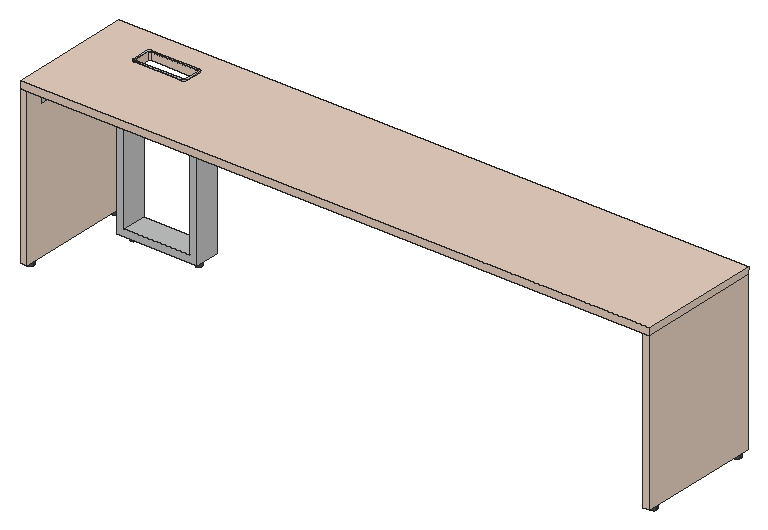
Revit family "Workstations-Multi_Level-Teknion-B_ASR_Secondary_Desk_for_Height_Adjustable_Run_Off-R2018", category Furniture, Revit 2018
Family settings
  OmniClass Number = 23.40.20.00
  OmniClass Title = General Furniture and Specialties
  Work Plane-Based = No
  Always vertical = Yes
  Cut with Voids When Loaded = No
  Shared = Yes
  Room Calculation Point = No
Parameters (values of type "20" Depth, 23" Height-Adjustable Worksurface Depth")
  Worksurface Thickness Options [instance] = "Select one of the options below"  # constant formula
  Worksurface Position from left [instance] = 0.000"
  Worksurface Finish [instance] = Veneer-Teknion-5T-Flintwood-White_Truffle (Long Grain)
  Workasurface Thickness [instance] = if([1 3/16" Worksurface Thickness], 1.189", 1.555")  # 1.189"
  Width [instance] = 102.000"
  Warranty = "http://www.teknion.com/ca/papers/legal-canada"
  Unit Weight URL = "http://www.teknion.com/ca/tools/assets#&asset=bee6a381-b954-425e-8283-5a2de3a804f2,f828d448-4b62-4231-9e5f-9a8991c0ed77"
  URL = "www.teknion.com"
  To render please download texture images found here [instance] = "https://assets.teknion.com/web/5e81352c1dfdb467/revit-material-swatches/"
  Sustainability Data = "https://www.teknion.com/ca/tools/assets#&topic=216f99a5-57a0-44fc-b10a-9dee9b29ae4c&asset=444deb64-fe58-4b68-981e-f75e97781df7,b4ff2d81-9f2e-437d-9659-7cffb09c31cf"
  Series = "Expansion Casegoods"  # constant formula
  Right Grommet Option [instance] = no
  Product Page URL = "https://www.teknion.com/ca/products/product-details?productlineid=0053336e-8e7a-673b-a6c8-ff00004460c4"
  Product Line = "Expansion Casegoods"  # constant formula
  Product Documentation Link = "https://www.teknion.com/pricing/expansion-casegoods/pdfs/B_ASR_ppg.pdf"
  Part Number = "B_ASR"  # constant formula
  No Grommet Option [instance] = and(not(Left Grommet Option), not(Right Grommet Option))  # yes
  Model = "B_ASR_2320_____"
  Manufacturer Phone = "416-661-3370"  # constant formula
  Manufacturer Fax = "416.661.4586"  # constant formula
  Manufacturer Contact Information = "http://www.teknion.com/ca/contactus"
  Manufacturer Address = "1150 Flint Road, Toronto, ON. M3J 2J5. Canada"  # constant formula
  Manufacturer = "Teknion"  # constant formula
  Low Height [instance] = not(High Height)  # no
  Left Grommet Option [instance] = no
  How To Use Teknion Materials User Guide [instance] = "https://assets.teknion.com/m/205dd0a49fa58060/original/How-to-add-a-Material-Library-and-Texture-Images-to-your-Revit-project.pdf"
  High Height [instance] = yes
  Height-Adjustable Worksurface Depth = 11.941"
  Height Options [instance] = "Select one of the options below"  # constant formula
  Height [instance] = if(High Height, 26.972", 17.425")  # 26.972"
  Grommet Finish [instance] = Paint - Teknion - Mica - Platinum
  Gable Thickness [instance] = if([1 3/16" Worksurface Thickness], 1.016", 1.555")  # 1.016"
  Gable Finish [instance] = Veneer-Teknion-5T-Flintwood-White_Truffle (Long Grain)
  For Additional Finishes please visit [instance] = "https://assets.teknion.com/m/44a8009b046e5d47/original/Teknion_Materials_Library.zip"
  Description = "Secondary Desk for Height-Adjustable Run-Off and L-Shape Desk, 20\" Depth, 23\" Height-Adjustable Worksurface Depth"
  Depth = 19.902"
  Avialable Widths [instance] = if([Height-Adjustable Worksurface Depth] = 17.909", "72, 78, 84, 90, 96, 102, and 108 Inches", "60, 66, 72, 78, 84, 90, 96, 102, and 108 Inches")  # "60, 66, 72, 78, 84, 90, 96, 102, and 108 Inches"
  Available Worksufrace Position from Left [instance] = "0, 6, 12, 18, 24, 30, 36, 42, 48, 54, 60, 66, 72, 78, and 84 Inches"  # constant formula
  Available Grommet Options [instance] = "Select one of the options below"  # constant formula
  Assembly Code = "E2020200"
  Actual Worksurface Position from Left [instance] = if(Worksurface Position from left = 0.000", [Height-Adjustable Worksurface Depth], if(Worksurface Position from left = 6.000", [Height-Adjustable Worksurface Depth] + 5.968", if(Worksurface Position from left = 12.000", [Height-Adjustable Worksurface Depth] + 11.940", if(Worksurface Position from left = 18.000", [Height-Adjustable Worksurface Depth] + 17.909", if(Worksurface Position from left = 24.000", [Height-Adjustable Worksurface Depth] + 23.881", if(Worksurface Position from left = 30.000", [Height-Adjustable Worksurface Depth] + 29.850", if(Worksurface Position from left = 36.000", [Height-Adjustable Worksurface Depth] + 35.819", if(Worksurface Position from left = 42.000", [Height-Adjustable Worksurface Depth] + 41.791", if(Worksurface Position from left = 48.000", [Height-Adjustable Worksurface Depth] + 47.760", if(Worksurface Position from left = 54.000", [Height-Adjustable Worksurface Depth] + 53.729", if(Worksurface Position from left = 60.000", [Height-Adjustable Worksurface Depth] + 59.701", if(Worksurface Position from left = 66.000", [Height-Adjustable Worksurface Depth] + 65.670", if(Worksurface Position from left = 72.000", [Height-Adjustable Worksurface Depth] + 71.642", if(Worksurface Position from left = 78.000", [Height-Adjustable Worksurface Depth] + 77.611", [Height-Adjustable Worksurface Depth] + 83.580"))))))))))))))  # 11.941"
  Actual Width [instance] = if(Width = 60.000", 59.701", if(Width = 66.000", 65.669", if(Width = 72.000", 71.642", if(Width = 78.000", 77.610", if(Width = 84.000", 83.579", if(Width = 90.000", 89.551", if(Width = 96.000", 95.520", if(Width = 102.000", 101.488", 107.461"))))))))  # 101.488"
  2D Connection Node Visibility [instance] = yes
  1 9/16" Worksurface Thickness [instance] = not([1 3/16" Worksurface Thickness])  # no
  1 3/16" Worksurface Thickness [instance] = yes
Types (7): name | Worksurface Position from left | Workasurface Thickness | Width | Model | Height-Adjustable Worksurface Depth | Gable Thickness | Description | Depth | Avialable Widths | Actual Worksurface Position from Left | Actual Width | 1 9/16" Worksurface Thickness | 1 3/16" Worksurface Thickness
  (no name) | 0.000" | 1.189" | 102.000" | "B_ASR_2320_____" | 11.941" | 1.016" | "Secondary Desk for Height-Adjustable Run-Off and L-Shape Desk, 20\" Depth, 23\" Height-Adjustable Worksurface Depth" | 19.902" | "60, 66, 72, 78, 84, 90, 96, 102, and 108 Inches" | 11.941" | 101.488" | no | yes
  20" Depth, 23" Height-Adjustable Worksurface Depth | 0.000" | 1.189" | 102.000" | "B_ASR_2320_____" | 11.941" | 1.016" | "Secondary Desk for Height-Adjustable Run-Off and L-Shape Desk, 20\" Depth, 23\" Height-Adjustable Worksurface Depth" | 19.902" | "60, 66, 72, 78, 84, 90, 96, 102, and 108 Inches" | 11.941" | 101.488" | no | yes
  20" Depth, 29" Height-Adjustable Worksurface Depth | 0.000" | 1.189" | 102.000" | "B_ASR_2920_____" | 14.925" | 1.016" | "Secondary Desk for Height-Adjustable Run-Off and L-Shape Desk, 20\" Depth, 29\" Height-Adjustable Worksurface Depth" | 19.902" | "60, 66, 72, 78, 84, 90, 96, 102, and 108 Inches" | 14.925" | 101.488" | no | yes
  20" Depth, 35" Height-Adjustable Worksurface Depth | 0.000" | 1.189" | 102.000" | "B_ASR_3520_____" | 17.909" | 1.016" | "Secondary Desk for Height-Adjustable Run-Off and L-Shape Desk, 20\" Depth, 35\" Height-Adjustable Worksurface Depth" | 19.902" | "72, 78, 84, 90, 96, 102, and 108 Inches" | 17.909" | 101.488" | no | yes
  24" Depth, 35" Height-Adjustable Worksurface Depth | 0.000" | 1.555" | 108.000" | "B_ASR_3524_____" | 17.909" | 1.555" | "Secondary Desk for Height-Adjustable Run-Off and L-Shape Desk, 24\" Depth, 35\" Height-Adjustable Worksurface Depth" | 23.882" | "72, 78, 84, 90, 96, 102, and 108 Inches" | 17.909" | 107.461" | yes | no
  24" Depth, 29" Height-Adjustable Worksurface Depth | 0.000" | 1.189" | 102.000" | "B_ASR_2924_____" | 14.925" | 1.016" | "Secondary Desk for Height-Adjustable Run-Off and L-Shape Desk, 24\" Depth, 29\" Height-Adjustable Worksurface Depth" | 23.882" | "60, 66, 72, 78, 84, 90, 96, 102, and 108 Inches" | 14.925" | 101.488" | no | yes
  24" Depth, 23" Height-Adjustable Worksurface Depth | 72.000" | 1.555" | 108.000" | "B_ASR_2324_____" | 11.941" | 1.555" | "Secondary Desk for Height-Adjustable Run-Off and L-Shape Desk, 24\" Depth, 23\" Height-Adjustable Worksurface Depth" | 23.882" | "60, 66, 72, 78, 84, 90, 96, 102, and 108 Inches" | 83.583" | 107.461" | yes | no
Reference planes (in)
  plane 1 "Center Front/Back": y = 0
  plane 2: z = 0
  plane 3 "Center Left/Right": x = 0
  plane 4 "Left": x = -50.744
  plane 5 "Right": x = 50.744
  plane 6 "Back": y = 9.951
  plane 7 "Front": y = -9.951
  plane 8 "Top": z = 26.972
  plane 9: z = 25.783
  plane 10: x = -49.728
  plane 11: x = 49.728
  plane 12: x = -38.803
Forms (in)
  Sweep 1, solid, material "Veneer-Teknion-5T-Flintwood-White_Truffle (Long Grain)" <- "Worksurface Finish"
    path origin (0, 0, 0) x (1, 0, 0) y (0, 0, 1)
      loop
        line (0, 25.783) -> (0, 26.972)
    profile origin (0, 0, 26.3775) x (-1, 0, 0) y (0, -1, 0)
      loop
        line (50.744, -9.951) -> (50.744, 9.951) -> (-50.744, 9.951) -> (-50.744, -9.951) -> (50.744, -9.951)
  Sweep 2, solid, material "Veneer-Teknion-5T-Flintwood-White_Truffle (Long Grain)" <- "Gable Finish"
    path origin (0, 0, 0) x (1, 0, 0) y (0, 0, 1)
      loop
        line (0, 0.60212) -> (0, 25.783)
    profile origin (0, 0, 13.19256) x (-1, 0, 0) y (0, -1, 0)
      loop
        line (50.744, -9.951) -> (50.744, 9.951) -> (49.728, 9.951) -> (49.728, -9.951) -> (50.744, -9.951)
      loop
        line (-49.728, -9.951) -> (-49.728, 9.951) -> (-50.744, 9.951) -> (-50.744, -9.951) -> (-49.728, -9.951)
  Sweep 3, solid, material "Plastic - Teknion - E - Ebony"
    path origin (0, 0, 0) x (1, 0, 0) y (0, 0, 1)
      loop
        line (0, 0) -> (0, 0.60212)
    profile origin (0, 0, 0.30106) x (-1, 0, 0) y (0, -1, 0)
      loop
        circle (50.236, -8.4493) r 0.5
      loop
        circle (50.236, 8.4493) r 0.5
      loop
        circle (-50.236, -8.4493) r 0.5
      loop
        circle (-50.236, 8.4493) r 0.5
  Sweep 4, solid, material "Paint - Teknion - Mica - Platinum"
    path origin (0, 0, 0) x (1, 0, 0) y (0, 1, 0)
      loop
        line (0, 6.951) -> (0, -6.95089)
    profile origin (0, 0.00006, 0) x (1, 0, 0) y (0, 0, 1)
      loop
        line (-49.728, 22.83024) -> (-49.60977, 22.83024) -> (-49.60977, 25.66489) -> (-46.77513, 25.66489) -> (-46.77513, 25.783) -> (-49.728, 25.783) -> (-49.728, 22.83024)
      loop
        line (46.77524, 25.783) -> (46.77524, 25.66489) -> (49.60989, 25.66489) -> (49.60989, 22.83024) -> (49.728, 22.83024) -> (49.728, 25.783) -> (46.77524, 25.783)
  Sweep 5, solid, material "Paint - Teknion - Mica - Platinum"
    path origin (0, 0, 0) x (1, 0, 0) y (0, 1, 0)
      loop
        line (0, 2.63801) -> (0, 6.57502)
    profile origin (0, 4.60651, 0) x (-1, 0, 0) y (0, 0, 1)
      loop
        line (45.25971, 25.783) -> (44.07861, 25.783) -> (44.07861, 2.41339) -> (33.52743, 2.41339) -> (33.52743, 25.783) -> (32.34632, 25.783) -> (32.34632, 1.23228) -> (45.25971, 1.23228) -> (45.25971, 25.783)
  Sweep 6, solid, material "Paint - Teknion - Mica - Platinum" <- "Grommet Finish"
    path origin (0, 0, 0) x (1, 0, 0) y (0, 0, 1)
      loop
        line (0, 26.972) -> (0, 27.01969)
    profile origin (0, 0, 26.99584) x (-1, 0, 0) y (0, -1, 0)
      loop
        line (35.02743, -6.37817) -> (42.57861, -6.37817)
        arc (42.57861, -6.37817) -> (42.97113, -6.21558) -> (43.13372, -5.82305) r 0.55512
        line (43.13372, -5.82305) -> (43.13372, -3.38998)
        arc (43.13372, -3.38998) -> (42.97113, -2.99745) -> (42.57861, -2.83486) r 0.55512
        line (42.57861, -2.83486) -> (35.02743, -2.83486)
        arc (35.02743, -2.83486) -> (34.6349, -2.99745) -> (34.47231, -3.38998) r 0.55512
        line (34.47231, -3.38998) -> (34.47231, -5.82305)
        arc (34.47231, -5.82305) -> (34.6349, -6.21558) -> (35.02743, -6.37817) r 0.55512
      loop
        line (35.02743, -6.07305) -> (42.57861, -6.07305)
        arc (42.57861, -6.07305) -> (42.75538, -5.99982) -> (42.82861, -5.82305) r 0.25
        line (42.82861, -5.82305) -> (42.82861, -3.38998)
        arc (42.82861, -3.38998) -> (42.75538, -3.2132) -> (42.57861, -3.13998) r 0.25
        line (42.57861, -3.13998) -> (35.02743, -3.13998)
        arc (35.02743, -3.13998) -> (34.85065, -3.2132) -> (34.77743, -3.38998) r 0.25
        line (34.77743, -3.38998) -> (34.77743, -5.82305)
        arc (34.77743, -5.82305) -> (34.85065, -5.99982) -> (35.02743, -6.07305) r 0.25
  Sweep 7, solid, material "Plastic - Teknion - E - Ebony"
    path origin (0, 0, 0) x (1, 0, 0) y (0, 0, 1)
      loop
        line (0, 0.41339) -> (0, 0)
    profile origin (0, 0, 0.20669) x (0, -1, 0) y (1, 0, 0)
      loop
        circle (-4.60651, -33.52743) r 0.5
      loop
        circle (-4.60651, -44.07861) r 0.5
  Sweep 8, solid, material "Paint - Teknion - Mica - Platinum"
    path origin (0, 0, 0) x (1, 0, 0) y (0, 0, 1)
      loop
        line (0, 0.41339) -> (0, 1.23228)
    profile origin (0, 0, 0.82283) x (-1, 0, 0) y (0, -1, 0)
      loop
        circle (44.07861, -4.60651) r 0.18967
      loop
        circle (33.52743, -4.60651) r 0.18959
  Sweep 9, solid, material "Paint - Teknion - Mica - Platinum" <- "Grommet Finish", visible <- "Left Grommet Option"
    path origin (0, 0, 0) x (1, 0, 0) y (0, 0, 1)
      loop
        line (0, 26.972) -> (0, 27.12948)
    profile origin (0, 0, 27.05074) x (-1, 0, 0) y (0, -1, 0)
      loop
        line (45.50029, -8.125) -> (45.50029, -5.28094) -> (42.65206, -5.28094) -> (42.65206, -8.125) -> (45.50029, -8.125)
  Sweep 10, solid, material "Paint - Teknion - Mica - Platinum" <- "Grommet Finish", visible <- "Left Grommet Option"
    path origin (0, 0, 0) x (1, 0, 0) y (0, 0, 1)
      loop
        line (0, 26.972) -> (0, 27.12948)
    profile origin (0, 0, 27.05074) x (-1, 0, 0) y (0, -1, 0)
      loop
        line (42.65206, -8.125) -> (42.65206, -6.91564) -> (40.37346, -6.91564) -> (40.37346, -6.49029) -> (42.65206, -6.49029) -> (42.65206, -5.28094) -> (38.84598, -5.28094) -> (38.84598, -8.125) -> (42.65206, -8.125)
  Sweep 11, solid, material "Paint - Teknion - Mica - Platinum" <- "Grommet Finish", visible <- "Right Grommet Option"
    path origin (0, 0, 0) x (1, 0, 0) y (0, 0, 1)
      loop
        line (0, 26.972) -> (0, 27.12948)
    profile origin (0, 0, 27.05074) x (-1, 0, 0) y (0, -1, 0)
      loop
        line (-42.65206, -8.125) -> (-42.65206, -5.28094) -> (-45.50029, -5.28094) -> (-45.50029, -8.125) -> (-42.65206, -8.125)
  Sweep 12, solid, material "Paint - Teknion - Mica - Platinum" <- "Grommet Finish", visible <- "Right Grommet Option"
    path origin (0, 0, 0) x (1, 0, 0) y (0, 0, 1)
      loop
        line (0, 26.972) -> (0, 27.12948)
    profile origin (0, 0, 27.05074) x (-1, 0, 0) y (0, -1, 0)
      loop
        line (-38.84598, -8.125) -> (-38.84598, -5.28094) -> (-42.65206, -5.28094) -> (-42.65206, -6.49029) -> (-40.37346, -6.49029) -> (-40.37346, -6.91564) -> (-42.65206, -6.91564) -> (-42.65206, -8.125) -> (-38.84598, -8.125)
  Sweep 13, void
    path origin (0, 0, 0) x (1, 0, 0) y (0, 0, 1)
      loop
        line (0, 37.972) -> (0, 16.972)
    profile origin (0, 0, 27.472) x (0, -1, 0) y (1, 0, 0)
      loop
        arc (-3.13998, -35.02743) -> (-3.2132, -34.85065) -> (-3.38998, -34.77743) r 0.25
        line (-3.38998, -34.77743) -> (-5.82305, -34.77743)
        arc (-5.82305, -34.77743) -> (-5.99982, -34.85065) -> (-6.07305, -35.02743) r 0.25
        line (-6.07305, -35.02743) -> (-6.07305, -42.57861)
        arc (-6.07305, -42.57861) -> (-5.99982, -42.75538) -> (-5.82305, -42.82861) r 0.25
        line (-5.82305, -42.82861) -> (-3.38998, -42.82861)
        arc (-3.38998, -42.82861) -> (-3.2132, -42.75538) -> (-3.13998, -42.57861) r 0.25
        line (-3.13998, -42.57861) -> (-3.13998, -35.02743)
Cuts and joins
  Sweep 13 cuts Sweep 1
Lines and regions (in)
  Masking region 1
    outline origin (0, 0, 0) x (1, 0, 0) y (0, 1, 0)
      loop
        line (-50.744, 9.951) -> (-50.744, -9.951) -> (50.744, -9.951) -> (50.744, 9.951) -> (-50.744, 9.951)
  symbolic lines, style "FurnitureHiddenLines", detail levels medium+fine
    curve 1: line (-49.728, -9.951, 0) -> (-49.728, 9.951, 0)
    curve 2: line (49.728, -9.951, 0) -> (49.728, 9.951, 0)
    curve 3: arc (49.736, 8.4493, 0) -> (50.236, 7.9493, 0) -> (50.736, 8.4493, 0) r 0.5
    curve 4: arc (50.736, 8.4493, 0) -> (50.236, 8.9493, 0) -> (49.736, 8.4493, 0) r 0.5
    curve 5: arc (50.736, -8.4493, 0) -> (50.236, -7.9493, 0) -> (49.736, -8.4493, 0) r 0.5
    curve 6: arc (49.736, -8.4493, 0) -> (50.236, -8.9493, 0) -> (50.736, -8.4493, 0) r 0.5
    curve 7: arc (-50.736, 8.4493, 0) -> (-50.236, 7.9493, 0) -> (-49.736, 8.4493, 0) r 0.5
    curve 8: arc (-49.736, 8.4493, 0) -> (-50.236, 8.9493, 0) -> (-50.736, 8.4493, 0) r 0.5
    curve 9: arc (-49.736, -8.4493, 0) -> (-50.236, -7.9493, 0) -> (-50.736, -8.4493, 0) r 0.5
    curve 10: arc (-50.736, -8.4493, 0) -> (-50.236, -8.9493, 0) -> (-49.736, -8.4493, 0) r 0.5
    curve 11: line (-49.728, 6.951, 0) -> (-46.77513, 6.951, 0)
    curve 12: line (-46.77513, -6.95089, 0) -> (-46.77513, 6.951, 0)
    curve 13: line (-46.77513, -6.95089, 0) -> (-49.728, -6.95089, 0)
    curve 15: line (46.77524, 6.951, 0) -> (49.728, 6.951, 0)
    curve 16: line (49.728, -6.95089, 0) -> (46.77524, -6.95089, 0)
    curve 17: line (46.77524, 6.951, 0) -> (46.77524, -6.95089, 0)
    curve 47: line (-32.34632, 2.63801, 0) -> (-45.25971, 2.63801, 0)
    curve 48: line (-45.25971, 6.57502, 0) -> (-45.25971, 2.63801, 0)
    curve 49: line (-32.34632, 6.57502, 0) -> (-45.25971, 6.57502, 0)
    curve 50: line (-32.34632, 2.63801, 0) -> (-32.34632, 6.57502, 0)
    curve 51: line (-33.52743, 6.57502, 0) -> (-33.52743, 2.63801, 0)
    curve 52: line (-44.07861, 2.63801, 0) -> (-44.07861, 6.57502, 0)
    curve 53: arc (-44.07861, 5.10651, 0) -> (-44.57861, 4.60651, 0) -> (-44.07861, 4.10651, 0) r 0.5
    curve 54: arc (-44.07861, 4.10651, 0) -> (-43.57861, 4.60651, 0) -> (-44.07861, 5.10651, 0) r 0.5
    curve 55: arc (-33.52743, 5.10651, 0) -> (-34.02743, 4.60651, 0) -> (-33.52743, 4.10651, 0) r 0.5
    curve 56: arc (-33.52743, 4.10651, 0) -> (-33.02743, 4.60651, 0) -> (-33.52743, 5.10651, 0) r 0.5
  symbolic lines, style "FurnitureHiddenLines", detail levels fine
    curve 14: line (-49.60977, -6.95089, 0) -> (-49.60977, 6.951, 0)
    curve 18: line (49.60989, 6.951, 0) -> (49.60989, -6.95089, 0)
    curve 57: arc (-44.26827, 4.60651, 0) -> (-44.07861, 4.41685, 0) -> (-43.88894, 4.60651, 0) r 0.18967
    curve 58: arc (-43.88894, 4.60651, 0) -> (-44.07861, 4.79618, 0) -> (-44.26827, 4.60651, 0) r 0.18967
    curve 59: arc (-33.71702, 4.60651, 0) -> (-33.52743, 4.41692, 0) -> (-33.33783, 4.60651, 0) r 0.18959
    curve 60: arc (-33.33783, 4.60651, 0) -> (-33.52743, 4.7961, 0) -> (-33.71702, 4.60651, 0) r 0.18959
  symbolic lines, visible <- "Right Grommet Option"
    curve 19: line (42.65206, 8.125, 0) -> (42.65206, 5.28094, 0)
    curve 20: line (45.50029, 8.125, 0) -> (42.65206, 8.125, 0)
    curve 21: line (45.50029, 5.28094, 0) -> (45.50029, 8.125, 0)
    curve 22: line (42.65206, 5.28094, 0) -> (45.50029, 5.28094, 0)
    curve 23: line (38.84598, 5.28094, 0) -> (42.65206, 5.28094, 0)
    curve 24: line (38.84598, 8.125, 0) -> (38.84598, 5.28094, 0)
    curve 25: line (42.65206, 8.125, 0) -> (38.84598, 8.125, 0)
    curve 26: line (40.37346, 6.91564, 0) -> (42.65206, 6.91564, 0)
    curve 27: line (40.37346, 6.49029, 0) -> (40.37346, 6.91564, 0)
    curve 28: line (42.65206, 6.49029, 0) -> (40.37346, 6.49029, 0)
  symbolic lines, visible <- "Left Grommet Option"
    curve 29: line (-45.50029, 5.28094, 0) -> (-42.65206, 5.28094, 0)
    curve 30: line (-45.50029, 8.125, 0) -> (-45.50029, 5.28094, 0)
    curve 31: line (-42.65206, 8.125, 0) -> (-45.50029, 8.125, 0)
    curve 32: line (-42.65206, 5.28094, 0) -> (-42.65206, 8.125, 0)
    curve 33: line (-42.65206, 5.28094, 0) -> (-38.84598, 5.28094, 0)
    curve 34: line (-38.84598, 5.28094, 0) -> (-38.84598, 8.125, 0)
    curve 35: line (-38.84598, 8.125, 0) -> (-42.65206, 8.125, 0)
    curve 36: line (-42.65206, 6.91564, 0) -> (-40.37346, 6.91564, 0)
    curve 37: line (-40.37346, 6.91564, 0) -> (-40.37346, 6.49029, 0)
    curve 38: line (-40.37346, 6.49029, 0) -> (-42.65206, 6.49029, 0)
  symbolic lines
    curve 39: line (-43.13372, 5.82305, 0) -> (-43.13372, 3.38998, 0)
    curve 40: arc (-43.13372, 3.38998, 0) -> (-42.97113, 2.99745, 0) -> (-42.57861, 2.83486, 0) r 0.55512
    curve 41: line (-42.57861, 2.83486, 0) -> (-35.02743, 2.83486, 0)
    curve 42: arc (-35.02743, 2.83486, 0) -> (-34.6349, 2.99745, 0) -> (-34.47231, 3.38998, 0) r 0.55512
    curve 43: line (-34.47231, 3.38998, 0) -> (-34.47231, 5.82305, 0)
    curve 44: arc (-34.47231, 5.82305, 0) -> (-34.6349, 6.21558, 0) -> (-35.02743, 6.37817, 0) r 0.55512
    curve 45: line (-35.02743, 6.37817, 0) -> (-42.57861, 6.37817, 0)
    curve 46: arc (-42.57861, 6.37817, 0) -> (-42.97113, 6.21558, 0) -> (-43.13372, 5.82305, 0) r 0.55512
  symbolic lines, style "Furniture"
    curve 61: line (-42.82861, 3.38998, 0) -> (-42.82861, 5.82305, 0)
    curve 62: arc (-42.82861, 5.82305, 0) -> (-42.75538, 5.99982, 0) -> (-42.57861, 6.07305, 0) r 0.25
    curve 63: line (-42.57861, 6.07305, 0) -> (-35.02743, 6.07305, 0)
    curve 64: arc (-35.02743, 6.07305, 0) -> (-34.85065, 5.99982, 0) -> (-34.77743, 5.82305, 0) r 0.25
    curve 65: line (-34.77743, 5.82305, 0) -> (-34.77743, 3.38998, 0)
    curve 66: arc (-34.77743, 3.38998, 0) -> (-34.85065, 3.2132, 0) -> (-35.02743, 3.13998, 0) r 0.25
    curve 67: line (-35.02743, 3.13998, 0) -> (-42.57861, 3.13998, 0)
    curve 68: arc (-42.57861, 3.13998, 0) -> (-42.75538, 3.2132, 0) -> (-42.82861, 3.38998, 0) r 0.25
Dimensions and locks (in)
  "Actual Width": plane 4 "Left" to plane 5 "Right"
  "Depth": plane 6 "Back" to plane 7 "Front"
  "Height": plane 8 "Top" to level
  equal spacing: plane 6 "Back", plane 1 "Center Front/Back", plane 7 "Front"
  equal spacing: plane 4 "Left", plane 3 "Center Left/Right", plane 5 "Right"
  "Workasurface Thickness": plane 8 "Top" to plane 9
  "Gable Thickness": plane 4 "Left" to plane 10
  "Gable Thickness": plane 11 to plane 5 "Right"
  locked: Sweep 2 sketch curve to level at 0.60212
  Sweep 3 sketch curve to level to Sweep 3 sketch curve = 0.60212" locked, 0.000" locked
  locked: plane 6 "Back" to Sweep 3 sketch curve at 1.5017  (x2)
  equal spacing: plane 4 "Left", Sweep 3 sketch curve, plane 10  (x2)
  locked: plane 7 "Front" to Sweep 3 sketch curve at 1.5017  (x2)
  equal spacing: plane 11, Sweep 3 sketch curve, plane 5 "Right"  (x2)
  locked: plane 6 "Back" to Sweep 4 sketch curve at 3
  locked: plane 7 "Front" to Sweep 4 sketch curve at 3.00011
  plane 10 to Sweep 4 sketch curve to Sweep 4 sketch curve = 0.11823" locked, 2.83465" locked
  plane 9 to Sweep 4 sketch curve to Sweep 4 sketch curve = 0.11811" locked, 2.83465" locked  (x2)
  Sweep 4 sketch curve to Sweep 4 sketch curve to plane 11 = 2.83465" locked, 0.11811" locked
  "Actual Worksurface Position from Left": plane 4 "Left" to plane 12
  plane 6 "Back" to Sweep 5 sketch curve to Sweep 5 sketch curve = 3.37598" locked, 3.93701" locked
  plane 9 to Sweep 5 sketch curve to Sweep 5 sketch curve = 0.000" locked, 0.000" locked
  Sweep 5 sketch curve to Sweep 5 sketch curve to level = 1.1811" locked, 1.23228" locked
  Sweep 5 sketch curve to Sweep 5 sketch curve to plane 12 to Sweep 5 sketch curve to Sweep 5 sketch curve = 1.1811" locked, 5.27561" locked, 5.27557" locked, 1.1811" locked
  Sweep 6 sketch curve to plane 8 "Top" to Sweep 6 sketch curve = 0.04769" locked, 0.000" locked
  Sweep 6 sketch curve to Sweep 6 sketch curve to Sweep 6 sketch curve to Sweep 6 sketch curve to Sweep 6 sketch curve to Sweep 6 sketch curve to plane 12 to Sweep 6 sketch curve to Sweep 6 sketch curve to Sweep 6 sketch curve to Sweep 6 sketch curve to Sweep 6 sketch curve to Sweep 6 sketch curve = 0.30512" locked, 0.250" locked, 0.000" locked, 0.000" locked, 0.000" locked, 3.77561" locked, 3.77557" locked, 0.000" locked, 0.000" locked, 0.000" locked, 0.250" locked, 0.30512" locked
  plane 6 "Back" to Sweep 6 sketch curve to Sweep 6 sketch curve to Sweep 6 sketch curve to Sweep 6 sketch curve to Sweep 6 sketch curve to Sweep 6 sketch curve to Sweep 6 sketch curve to Sweep 6 sketch curve to Sweep 6 sketch curve to Sweep 6 sketch curve to Sweep 6 sketch curve to Sweep 6 sketch curve = 3.57283" locked, 0.30512" locked, 0.250" locked, 0.000" locked, 0.000" locked, 0.000" locked, 2.43307" locked, 0.000" locked, 0.000" locked, 0.000" locked, 0.250" locked, 0.30512" locked
  Sweep 7 sketch curve to level to Sweep 7 sketch curve = 0.41339" locked, 0.000" locked
  Sweep 7 sketch curve to plane 12 to Sweep 7 sketch curve = 5.27561" locked, 5.27557" locked
  plane 6 "Back" to Sweep 7 sketch curve to Sweep 7 sketch curve = 5.34449" locked, 0.000" locked
  Sweep 8 sketch curve to plane 12 to Sweep 8 sketch curve = 5.27561" locked, 5.27557" locked
  plane 6 "Back" to Sweep 8 sketch curve to Sweep 8 sketch curve = 5.34449" locked, 0.000" locked
  locked: Sweep 9 sketch curve to plane 8 "Top" at 0.15748
  plane 4 "Left" to Sweep 9 sketch curve to Sweep 9 sketch curve = 5.24371" locked, 2.84823" locked
  plane 6 "Back" to Sweep 9 sketch curve to Sweep 9 sketch curve = 1.826" locked, 2.84406" locked
  locked: Sweep 10 sketch curve to plane 8 "Top" at 0.15748
  plane 4 "Left" to Sweep 10 sketch curve to Sweep 10 sketch curve to Sweep 10 sketch curve to Sweep 10 sketch curve = 8.09194" locked, 0.000" locked, 2.2786" locked, 1.52748" locked
  plane 6 "Back" to Sweep 10 sketch curve to Sweep 10 sketch curve to Sweep 10 sketch curve to Sweep 10 sketch curve = 1.826" locked, 1.20936" locked, 0.42535" locked, 1.20936" locked
  locked: Sweep 11 sketch curve to plane 8 "Top" at 0.15748
  Sweep 11 sketch curve to Sweep 11 sketch curve to plane 5 "Right" = 2.84823" locked, 5.24371" locked
  plane 6 "Back" to Sweep 11 sketch curve to Sweep 11 sketch curve = 1.826" locked, 2.84406" locked
  locked: Sweep 12 sketch curve to plane 8 "Top" at 0.15748
  Sweep 12 sketch curve to Sweep 12 sketch curve to Sweep 12 sketch curve to Sweep 12 sketch curve to plane 5 "Right" = 1.52748" locked, 2.2786" locked, 0.000" locked, 8.09194" locked
  plane 6 "Back" to Sweep 12 sketch curve to Sweep 12 sketch curve to Sweep 12 sketch curve to Sweep 12 sketch curve = 1.826" locked, 1.20936" locked, 0.42535" locked, 1.20936" locked
  locked: nested 1 to plane 6 "Back" at 3
  Sweep 13 sketch curve to plane 8 "Top" to Sweep 13 sketch curve = 11.000" locked, 10.000" locked
  Sweep 13 sketch curve to plane 12 to Sweep 13 sketch curve = 4.02561" locked, 4.02557" locked
  plane 6 "Back" to Sweep 13 sketch curve to Sweep 13 sketch curve = 3.87795" locked, 2.93307" locked
  aligned and locked: level to plane 2
  aligned and locked: plane 3 "Center Left/Right" to Sweep 1 sketch curve
  aligned and locked: plane 8 "Top" to Sweep 1 sketch curve
  aligned and locked: plane 9 to Sweep 1 sketch curve
  aligned and locked: Sweep 1 sketch curve to plane 6 "Back"
  aligned and locked: Sweep 1 sketch curve to plane 7 "Front"
  aligned and locked: plane 4 "Left" to Sweep 1 sketch curve
  aligned and locked: plane 5 "Right" to Sweep 1 sketch curve
  aligned and locked: plane 3 "Center Left/Right" to Sweep 2 sketch curve
  aligned and locked: plane 9 to Sweep 2 sketch curve
  aligned and locked: Sweep 2 sketch curve to plane 6 "Back"  (x2)
  aligned and locked: Sweep 2 sketch curve to plane 7 "Front"  (x2)
  aligned and locked: Sweep 2 sketch curve to plane 11
  aligned and locked: plane 5 "Right" to Sweep 2 sketch curve
  aligned and locked: plane 10 to Sweep 2 sketch curve
  aligned and locked: plane 4 "Left" to Sweep 2 sketch curve
  aligned and locked: plane 3 "Center Left/Right" to Sweep 3 sketch curve
  aligned and locked: Sweep 4 sketch curve to plane 3 "Center Left/Right"
  aligned and locked: Sweep 4 sketch curve to plane 9
  aligned and locked: plane 10 to Sweep 4 sketch curve
  aligned and locked: plane 9 to Sweep 4 sketch curve
  aligned and locked: plane 11 to Sweep 4 sketch curve
  aligned and locked: plane 3 "Center Left/Right" to Sweep 5 sketch curve
  aligned and locked: plane 3 "Center Left/Right" to Sweep 6 sketch curve
  aligned and locked: Sweep 7 sketch curve to plane 3 "Center Left/Right"
  aligned and locked: plane 3 "Center Left/Right" to Sweep 8 sketch curve
  aligned and locked: plane 3 "Center Left/Right" to Sweep 9 sketch curve
  aligned and locked: plane 8 "Top" to Sweep 9 sketch curve
  aligned and locked: plane 3 "Center Left/Right" to Sweep 10 sketch curve
  aligned and locked: plane 8 "Top" to Sweep 10 sketch curve
  aligned and locked: plane 3 "Center Left/Right" to Sweep 11 sketch curve
  aligned and locked: plane 8 "Top" to Sweep 11 sketch curve
  aligned and locked: plane 3 "Center Left/Right" to Sweep 12 sketch curve
  aligned and locked: plane 8 "Top" to Sweep 12 sketch curve
  aligned and locked: Masking region 1 sketch curve to plane 6 "Back"
  aligned and locked: Masking region 1 sketch curve to plane 4 "Left"
  aligned and locked: plane 7 "Front" to Masking region 1 sketch curve
  aligned and locked: plane 5 "Right" to Masking region 1 sketch curve
  aligned and locked: curve 1 to plane 10
  aligned and locked: curve 2 to plane 11
  aligned and locked: curve 3 to Sweep 3
  aligned and locked: curve 4 to Sweep 3
  aligned and locked: curve 5 to Sweep 3
  aligned and locked: curve 6 to Sweep 3
  aligned and locked: curve 7 to Sweep 3
  aligned and locked: curve 8 to Sweep 3
  aligned and locked: curve 9 to Sweep 3
  aligned and locked: curve 10 to Sweep 3
  aligned and locked: curve 11 to Sweep 4
  aligned and locked: curve 12 to Sweep 4
  aligned and locked: curve 13 to Sweep 4
  aligned and locked: curve 14 to Sweep 4
  aligned and locked: Sweep 4 to curve 15
  aligned and locked: curve 16 to Sweep 4
  aligned and locked: curve 17 to Sweep 4
  aligned and locked: curve 18 to Sweep 4
  aligned and locked: curve 19 to Sweep 11
  aligned and locked: curve 20 to Sweep 11
  aligned and locked: curve 21 to Sweep 11
  aligned and locked: curve 22 to Sweep 11
  aligned and locked: curve 23 to Sweep 12
  aligned and locked: curve 24 to Sweep 12
  aligned and locked: curve 25 to Sweep 12
  aligned and locked: curve 26 to Sweep 12
  aligned and locked: curve 27 to Sweep 12
  aligned and locked: curve 28 to Sweep 12
  aligned and locked: curve 29 to Sweep 9
  aligned and locked: curve 30 to Sweep 9
  aligned and locked: curve 31 to Sweep 9
  aligned and locked: curve 32 to Sweep 9
  aligned and locked: curve 33 to Sweep 10
  aligned and locked: curve 34 to Sweep 10
  aligned and locked: curve 35 to Sweep 10
  aligned and locked: curve 36 to Sweep 10
  aligned and locked: curve 37 to Sweep 10
  aligned and locked: curve 38 to Sweep 10
  aligned and locked: curve 40 to Sweep 6
  aligned and locked: curve 42 to Sweep 6
  aligned and locked: curve 44 to Sweep 6
  aligned and locked: curve 46 to Sweep 6
  aligned and locked: curve 47 to Sweep 5
  aligned and locked: curve 48 to Sweep 5
  aligned and locked: curve 49 to Sweep 5
  aligned and locked: curve 50 to Sweep 5
  aligned and locked: curve 51 to Sweep 5
  aligned and locked: curve 52 to Sweep 5
  aligned and locked: curve 53 to Sweep 7
  aligned and locked: curve 54 to Sweep 7
  aligned and locked: curve 55 to Sweep 7
  aligned and locked: curve 56 to Sweep 7
  aligned and locked: curve 57 to Sweep 8
  aligned and locked: curve 58 to Sweep 8
  aligned and locked: curve 59 to Sweep 8
  aligned and locked: curve 60 to Sweep 8
  aligned and locked: nested 1 to plane 12
  aligned and locked: curve 62 to Sweep 6
  aligned and locked: curve 64 to Sweep 6
  aligned and locked: curve 66 to Sweep 6
  aligned and locked: curve 68 to Sweep 6
  aligned and locked: Sweep 13 sketch curve to plane 3 "Center Left/Right"
  aligned and locked: nested 4 to plane 5 "Right"
  aligned and locked: nested 4 to plane 6 "Back"
  aligned and locked: plane 3 "Center Left/Right" to nested 3
  aligned and locked: nested 3 to plane 6 "Back"
  aligned and locked: plane 4 "Left" to nested 2
  aligned and locked: nested 2 to plane 6 "Back"
Automatic sketch dimensions
  level to Sweep 8 sketch curve = 1.23228"
  level to Sweep 8 sketch curve = 0.41339"
  plane 7 "Front" to curve 1 = 0.000"
  curve 1 to plane 6 "Back" = 0.000"
  plane 7 "Front" to curve 2 = 0.000"
  curve 2 to plane 6 "Back" = 0.000"
  Sweep 13 sketch curve to Sweep 13 sketch curve = 0.250"  (x3)
  Sweep 13 sketch curve to Sweep 13 sketch curve = 2.43307"
  radius of Sweep 3 sketch curve = 0.500"  (x4)
  radius of Sweep 7 sketch curve = 0.500"  (x2)
  radius of Sweep 8 sketch curve = 0.18967"
  radius of Sweep 8 sketch curve = 0.18959"
Nested families (in)
  nested 1: "Teknion_2D_Node_Family-R2016" at (-38.803, 6.951, 0), visible <- "2D Connection Node Visibility", type "Teknion_2D_Node_Family-R2016"
  nested 2: "Teknion_2D_Node_Family-R2016" at (-50.744, 9.951, 0), visible <- "2D Connection Node Visibility", type "Teknion_2D_Node_Family-R2016"
  nested 3: "Teknion_2D_Node_Family-R2016" at (0, 9.951, 0), visible <- "2D Connection Node Visibility", type "Teknion_2D_Node_Family-R2016"
  nested 4: "Teknion_2D_Node_Family-R2016" at (50.744, 9.951, 0), visible <- "2D Connection Node Visibility", type "Teknion_2D_Node_Family-R2016"
Definition of nested family "Teknion_2D_Node_Family-R2016"
  Reference planes (in)
    plane 1 "Center (Front/Back)": y = 0
    plane 2: z = 0
    plane 3 "Center (Left/Right)": x = 0
  Lines and regions (in)
    detail lines, in view "Ref. Level"
      curve 1: circle (0, 0, 0) r 1.25 normal (0, 0, 1)
      curve 2: line (1.91508, -1.91508, 0) -> (-1.91508, 1.91508, 0)
      curve 3: line (-1.91508, -1.91508, 0) -> (1.91508, 1.91508, 0)
